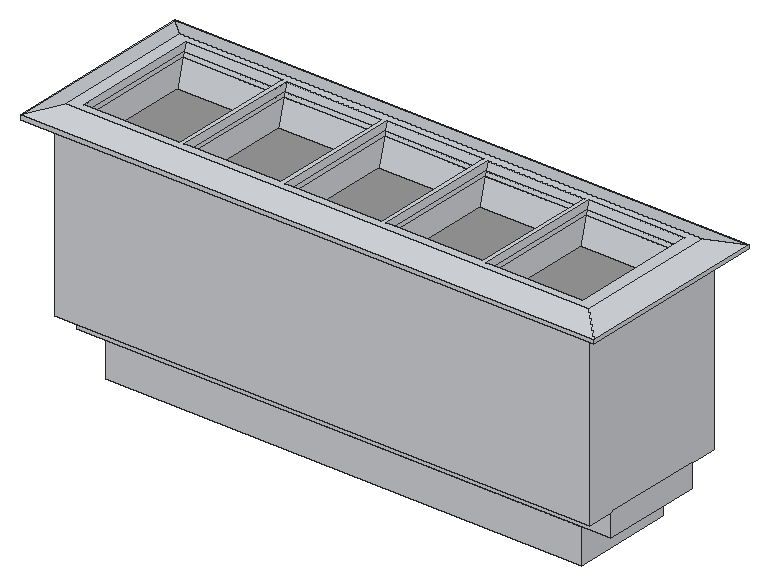
Revit family "2061123 Sylvania Lighting Fixture DOMINO 5xLED 930 BLACK NB TRIM BLACK", category Lighting Fixtures, host Face, Revit 2018
Family settings
  Host = Face
  Round Connector Dimension = Use Diameter
  Part Type = Normal
  OmniClass Number = 23.80.70.00
  OmniClass Title = Lighting
  Cut with Voids When Loaded = No
  Light Source = Yes
  Shared = No
  Room Calculation Point = No
Parameters (values of type "2061123 DOMINO 5XLED 930 BLACK NB TR BLK ")
  top top width = 15.812 mm
  top top length = 123 mm
  Width = 50 mm
  Weight = "n/a"
  Wattage Comments = ""
  Wattage = 9.2903 W
  WarrantyStartDate [instance] = "n/a"
  WarrantyGuarantorParts = "n/a"
  WarrantyDurationUnit = "n/a"
  WarrantyDurationParts = ""
  WarrantyDescription = "http://www.sylvania-lighting.com"
  built-in parameter 1150110 = 1 (stored number, unit not read)
  Voltage = 0 V
  URL = "0.6"
  TypeName = "DOMINO 5xLED 930 BLACK NB TRIM BLACK"
  Type Image = <None>
  Type Comments = "n/a"
  built-in parameter 1114217 = 1 (stored number, unit not read)
  Top Width = 26 mm
  Tilt Angle = 90.00°
  built-in parameter 1150109 = 1 (stored number, unit not read)
  built-in parameter 1150134 = 3
  built-in parameter 1150113 = 1 (stored number, unit not read)
  SerialNumber [instance] = "n/a"
  Recessed Width = 43 mm
  Recessed Length = 143 mm
  Photometric Web File = "2061123.ies"
  Material_3_FEILO = none
  PowerFactor = 0
  PowerConsumption = "Lighting"
  NominalLength = 50 mm
  NominalHeight = 0 mm
  NominalDepth = 0 mm
  Name = "DOMINO 5xLED 930 BLACK NB TRIM BLACK"
  ModelReference = Name  # "DOMINO 5xLED 930 BLACK NB TRIM BLACK"
  ModelNumber = "2061123"
  Model = Name  # "DOMINO 5xLED 930 BLACK NB TRIM BLACK"
  Material = "Feilo Sylvania"
  ManufacturerName = "62 lm/W"
  Manufacturer = ""
  LuminousEfficacy = ""
  built-in parameter 1150105 = 109.82 (stored number, unit not read)
  Lumens = 1380 lm
  LuminaireType = "0"
  built-in parameter 1150115 = 1 (stored number, unit not read)
  LightOutputRatio = "LED"
  built-in parameter 1150137 = (empty or 0)
  built-in parameter 1150139 = (empty or 0)
  Lens inside recess = 25 mm
  Lens Width = 32 mm
  Lens Outside recess = 31.978 mm
  Lens = Glass, White, High Luminance
  Length = 148 mm
  LampsType = Lamp  # "n/a"
  LampNominalLuminous = "3000 K"
  LampMacAdamStep = "90"
  LampColourTemperature = "LED"
  LampColourRenderingIndex = "16500"
  built-in parameter 1150112 = 1 (stored number, unit not read)
  built-in parameter 1150114 = 1 (stored number, unit not read)
  Lamp = "n/a"
  Keynote = "n/a"
  InstallationDate [instance] = "n/a"
  InputVoltage = "0"
  InputNominalFrequency = "3000"
  built-in parameter 1150132 = (empty or 0)
  built-in parameter 1150102 = (empty or 0)
  built-in parameter 1150107 = 3200 (stored number, unit not read)
  built-in parameter 1150138 = (empty or 0)
  IngressProtection = "IfcLightFixtureType"
  ImpactProtectionIndex = "IfcLightFixtureType"
  built-in parameter 1150106 = 1.0982 (stored number, unit not read)
  IfcExportType = "IfcLightFixtureType"
  IfcExportAs = "Class II"
  Facia internal width = 37 mm
  Facia internal length = 135 mm
  Facia Height = 2 mm
  ExpectedLife = 50000
  Emit from Circle Diameter = 609.6 mm
  Emit Shape Visible in Rendering = no
  ElectricShockClassification = "62"
  built-in parameter 1150104 = 13.8 (stored number, unit not read)
  DurationUnit = "hours"
  DocumentationLiterature = "http://www.sylvania-lighting.com/product/en-int/products/2061123"
  DimmingControlOptions = "n/a"
  Material_2_FEILO = none
  Dimming Lamp Color Temperature Shift = <None>
  Description = "Modular LED recessed linear spotlight, ideal for retail and hospitality applications. Die-cast aluminium body, passive cooling. Two levels of reflector installation, low glaring UGR<16. 5x LED source, 15° beam angle , optics: PMMA lens and polycarbonate reflector combination, Black matt reflector finish. Light color temperature: 3000K warm white, total system power: 13W , total fixture lumen output: 800lm, efficacy: 62 lm/W, Ra90 typical, LED chromacity: 3 step MacAdam ellipse (SDCM3), lifespan: 96,000 hours at 90% of the original output (L90B10), IR/UV free light source without heat radiation, operating voltage: 220-240V / 50-60Hz, electronic driver, ultra low flicker, non-dimmable , electrical protection: Class II. Degree of Protection: IP40/IP20, suitable for indoor environment only. Ceiling cut-out: 43x43mm, outer dimensions:  150x50mm trim frame RAL 9005 - Jet black color.5 years Warranty."
  Default Elevation = 1219.2 mm
  CreatedOn = "10/02/2021"
  CreatedBy = "@sylvania-lighting.com"
  Cost = 0
  Color Filter = 16777215
  built-in parameter 1114216 [instance] = (empty or 0)
  ClassificationValue = "EF_70_80"
  ClassificationName = "Uniclass2015"
  Material_1_FEILO = none
  Body Width = 40 mm
  Body Length = 138 mm
  BarCode [instance] = "n/a"
  built-in parameter 1114218 = 1 (stored number, unit not read)
  built-in parameter 1150133 = 10 (stored number, unit not read)
  AssetType = "Fixed"
  AssetIdentifier [instance] = "n/a"
  Assembly Code = "D5020200"
  Apparent Load = 13 VA
  Material_4_FEILO = none
Reference planes
  plane 1 "Center (Front/Back)": y = 0
  plane 2: z = 0
  plane 3 "Center (Left/Right)": x = 0
  plane 4: z = 0
  plane 5: z = -7
  plane 6: z = -45.895
  plane 7: z = -51.895
  plane 8: z = -60.895
  plane 9: x = -71.5
  plane 10: x = 71.5
  plane 11: y = 21.5
  plane 12: y = -21.5
  plane 13: x = -74
  plane 14: x = 74
  plane 15: y = 25
  plane 16: y = -25
  plane 17: x = 67.5
  plane 18: x = -67.5
  plane 19: y = 18.5
  plane 20: y = -18.5
  plane 21: z = 2
  plane 22: x = -69
  plane 23: x = 69
  plane 24: y = 20
  plane 25: y = -20
  plane 26: y = 13
  plane 27: y = -13
  plane 28: x = 61.5
  plane 29: x = -61.5
  plane 30: x = -65.5
  plane 31: y = 16.5
  plane 32: y = -16.472
  plane 33: x = -40.5
  plane 34: x = -41
  plane 35: x = -65
  plane 36: y = 13
  plane 37: y = -12.972
  plane 38: x = -39.5
  plane 39: x = -14.48
  plane 40: x = -13.48
  plane 41: x = 11.52
  plane 42: x = 12.52
  plane 43: x = 37.52
  plane 44: x = 38.52
  plane 45: x = 64.5
Forms (mm)
  Extrusion 1, solid, not visible, detail levels medium+fine
    sketch origin (4.2, 0, 0) x (1, 0, 0) y (0, 1, 0)
      loop
        line (-29.2, 34.5) -> (-29.2, -34.5) -> (20.8, -34.5) -> (20.8, 34.5) -> (-29.2, 34.5)
    from 0 to 1
  Extrusion 2, solid, not visible, detail levels medium+fine
    sketch origin (4.044, 0, 0) x (1, 0, 0) y (0, 1, 0)
      loop
        line (-29.2, 34.5) -> (-29.2, -34.5) -> (20.8, -34.5) -> (20.8, 34.5) -> (-29.2, 34.5)
    from 0 to 1
  Blend 3, solid, not visible, detail levels medium+fine
    base sketch origin (4.2, 0, 0) x (1, 0, 0) y (0, 1, 0)
      loop
        line (-29.2, 34.5) -> (-29.2, -34.5) -> (20.8, -34.5) -> (20.8, 34.5) -> (-29.2, 34.5)
    top sketch origin (4.2, 0, 0) x (1, 0, 0) y (0, 1, 0)
      loop
        line (-21.7, 28) -> (-21.7, -28) -> (13.3, -28) -> (13.3, 28) -> (-21.7, 28)
    from 1 to 3
  Extrusion 4, solid, not visible, detail levels medium+fine
    sketch origin (3.419, 0, 0) x (1, 0, 0) y (0, 1, 0)
      loop
        line (-29.2, 34.5) -> (-29.2, -34.5) -> (20.8, -34.5) -> (20.8, 34.5) -> (-29.2, 34.5)
    from 0 to 1
  Blend 5, solid, not visible, detail levels medium+fine
    base sketch origin (3.575, 0, 0) x (1, 0, 0) y (0, 1, 0)
      loop
        line (-29.2, 34.5) -> (-29.2, -34.5) -> (20.8, -34.5) -> (20.8, 34.5) -> (-29.2, 34.5)
    top sketch origin (3.575, 0, 0) x (1, 0, 0) y (0, 1, 0)
      loop
        line (-21.7, 28) -> (-21.7, -28) -> (13.3, -28) -> (13.3, 28) -> (-21.7, 28)
    from 1 to 3
  Extrusion 6, solid, not visible, detail levels medium+fine
    sketch origin (4.247, 0, 0) x (1, 0, 0) y (0, 1, 0)
      loop
        line (-29.2, 34.5) -> (-29.2, -34.5) -> (20.8, -34.5) -> (20.8, 34.5) -> (-29.2, 34.5)
    from 0 to 1
  Blend 7, solid, not visible, detail levels medium+fine
    base sketch origin (4.403, 0, 0) x (1, 0, 0) y (0, 1, 0)
      loop
        line (-29.2, 34.5) -> (-29.2, -34.5) -> (20.8, -34.5) -> (20.8, 34.5) -> (-29.2, 34.5)
    top sketch origin (4.403, 0, 0) x (1, 0, 0) y (0, 1, 0)
      loop
        line (-21.7, 28) -> (-21.7, -28) -> (13.3, -28) -> (13.3, 28) -> (-21.7, 28)
    from 1 to 3
  Extrusion 8, void, detail levels medium+fine
    sketch origin (4.2, 0, 0) x (0, 1, 0) y (1, 0, 0)
      loop
        line (21.5, -75.7) -> (21.5, 67.3) -> (-21.5, 67.3) -> (-21.5, -75.7) -> (21.5, -75.7)
    from -9.934 to 83.097
  Extrusion 9, solid, detail levels medium+fine
    sketch origin (4.2, 0, 0) x (1, 0, 0) y (0, 1, 0)
      loop
        line (-78.2, 25) -> (-78.2, -25) -> (69.8, -25) -> (69.8, 25) -> (-78.2, 25)
    from 0 to 1
  Extrusion 10, solid, detail levels medium+fine
    sketch origin (4.2, 0, 0) x (1, 0, 0) y (0, 1, 0)
      loop
        line (-73.2, 20) -> (-73.2, -20) -> (64.8, -20) -> (64.8, 20) -> (-73.2, 20)
    from 0 to -45.895
  Extrusion 11, solid, detail levels medium+fine
    sketch origin (4.2, 0, 0) x (1, 0, 0) y (0, 1, 0)
      loop
        line (-73.2, 13) -> (-73.2, -13) -> (64.8, -13) -> (64.8, 13) -> (-73.2, 13)
    from -51.895 to -45.895
  Extrusion 12, solid, material "Glass, White, High Luminance" <- "Lens", detail levels fine
    sketch origin (11.874, 1219.733, 36.156) x (1, 0, 0) y (0, 1, 0)
      loop
        line (-75.883, -1206.7) -> (-75.883, -1232.733) -> (-51.887, -1232.733) -> (-51.887, -1206.7) -> (-75.883, -1206.7)
    from -43.156 to -42.182
  Blend 13, solid, detail levels medium+fine
    base sketch origin (4.2, 0, 0) x (1, 0, 0) y (0, 1, 0)
      loop
        line (-78.2, 25) -> (-78.2, -25) -> (69.8, -25) -> (69.8, 25) -> (-78.2, 25)
    top sketch origin (4.2, 0, 0) x (1, 0, 0) y (0, 1, 0)
      loop
        line (-71.7, 18.5) -> (-71.7, -18.5) -> (63.3, -18.5) -> (63.3, 18.5) -> (-71.7, 18.5)
    from 1 to 3
  Extrusion 14, solid, detail levels fine
    sketch origin (0, 0, 0) x (1, 0, 0) y (0, 0, 1)
      loop
        line (-61.5, -51.895) -> (-61.5, -60.895) -> (61.5, -60.895) -> (61.5, -51.895) -> (-61.5, -51.895)
    from -13 to 13
  Blend 15, void
    base sketch origin (5.187, 0, 0) x (0, 1, 0) y (-1, 0, 0)
      loop
        line (16.5, 69.7) -> (-16.472, 69.7) -> (-16.472, 44.7) -> (16.5, 44.7) -> (16.5, 69.7)
    top sketch origin (5.187, 0, 0) x (0, 1, 0) y (-1, 0, 0)
      loop
        line (13, 69.2) -> (-12.972, 69.2) -> (-12.972, 45.2) -> (13, 45.2) -> (13, 69.2)
    from 3 to -7
  Blend 16, void
    base sketch origin (31.202, 0, 0) x (0, 1, 0) y (-1, 0, 0)
      loop
        line (16.5, 69.7) -> (-16.472, 69.7) -> (-16.472, 44.7) -> (16.5, 44.7) -> (16.5, 69.7)
    top sketch origin (31.202, 0, 0) x (0, 1, 0) y (-1, 0, 0)
      loop
        line (13, 69.2) -> (-12.972, 69.2) -> (-12.972, 45.2) -> (13, 45.2) -> (13, 69.2)
    from 3 to -7
  Blend 17, void
    base sketch origin (57.213, -0.017, 0) x (0, 1, 0) y (-1, 0, 0)
      loop
        line (16.5, 69.7) -> (-16.472, 69.7) -> (-16.472, 44.7) -> (16.5, 44.7) -> (16.5, 69.7)
    top sketch origin (57.213, -0.017, 0) x (0, 1, 0) y (-1, 0, 0)
      loop
        line (13, 69.2) -> (-12.972, 69.2) -> (-12.972, 45.2) -> (13, 45.2) -> (13, 69.2)
    from 3 to -7
  Blend 18, void
    base sketch origin (83.222, 0, 0) x (0, 1, 0) y (-1, 0, 0)
      loop
        line (16.5, 69.7) -> (-16.472, 69.7) -> (-16.472, 44.7) -> (16.5, 44.7) -> (16.5, 69.7)
    top sketch origin (83.222, 0, 0) x (0, 1, 0) y (-1, 0, 0)
      loop
        line (13, 69.2) -> (-12.972, 69.2) -> (-12.972, 45.2) -> (13, 45.2) -> (13, 69.2)
    from 3 to -7
  Blend 19, void
    base sketch origin (109.202, 0, 0) x (0, 1, 0) y (-1, 0, 0)
      loop
        line (16.5, 69.7) -> (-16.472, 69.7) -> (-16.472, 44.7) -> (16.5, 44.7) -> (16.5, 69.7)
    top sketch origin (109.202, 0, 0) x (0, 1, 0) y (-1, 0, 0)
      loop
        line (13, 69.2) -> (-12.972, 69.2) -> (-12.972, 45.2) -> (13, 45.2) -> (13, 69.2)
    from 3 to -7
  Extrusion 20, solid, material "Glass, White, High Luminance" <- "Lens", detail levels fine
    sketch origin (37.889, 1219.733, 36.156) x (1, 0, 0) y (0, 1, 0)
      loop
        line (-75.883, -1206.7) -> (-75.883, -1232.733) -> (-51.887, -1232.733) -> (-51.887, -1206.7) -> (-75.883, -1206.7)
    from -43.156 to -42.182
  Extrusion 21, solid, material "Glass, White, High Luminance" <- "Lens", detail levels fine
    sketch origin (63.896, 1219.733, 36.156) x (1, 0, 0) y (0, 1, 0)
      loop
        line (-75.883, -1206.7) -> (-75.883, -1232.733) -> (-51.887, -1232.733) -> (-51.887, -1206.7) -> (-75.883, -1206.7)
    from -43.156 to -42.182
  Extrusion 22, solid, material "Glass, White, High Luminance" <- "Lens", detail levels fine
    sketch origin (89.905, 1219.733, 36.156) x (1, 0, 0) y (0, 1, 0)
      loop
        line (-75.883, -1206.7) -> (-75.883, -1232.733) -> (-51.887, -1232.733) -> (-51.887, -1206.7) -> (-75.883, -1206.7)
    from -43.156 to -42.182
  Extrusion 23, solid, material "Glass, White, High Luminance" <- "Lens", detail levels fine
    sketch origin (115.886, 1219.733, 36.156) x (1, 0, 0) y (0, 1, 0)
      loop
        line (-75.883, -1206.7) -> (-75.883, -1232.733) -> (-51.887, -1232.733) -> (-51.887, -1206.7) -> (-75.883, -1206.7)
    from -43.156 to -42.182
  Extrusion 24, solid, detail levels coarse
    sketch origin (4.2, 0, 0) x (1, 0, 0) y (0, 1, 0)
      loop
        line (-78.2, 25) -> (-78.2, -25) -> (69.8, -25) -> (69.8, 25) -> (-78.2, 25)
    from 3 to -60.895
Cuts and joins
  Blend 15, Blend 16, Blend 17, Blend 18, Blend 19 cuts Extrusion 9
  Blend 15, Blend 16, Blend 17, Blend 18, Blend 19 cuts Extrusion 10
  Blend 15, Blend 16, Blend 17, Blend 18, Blend 19 cuts Blend 13
Dimensions and locks
  "Recessed Length": plane 9 to plane 10
  equal spacing: plane 9, plane 3 "Center (Left/Right)", plane 10
  "Length": plane 13 to plane 14
  equal spacing: plane 13, plane 3 "Center (Left/Right)", plane 14
  "Recessed Width": plane 11 to plane 12
  equal spacing: plane 11, plane 1 "Center (Front/Back)", plane 12
  "Width": plane 15 to plane 16
  equal spacing: plane 15, plane 1 "Center (Front/Back)", plane 16
  "Facia internal length": plane 18 to plane 17
  equal spacing: plane 18, plane 3 "Center (Left/Right)", plane 17
  "Facia internal width": plane 19 to plane 20
  equal spacing: plane 19, plane 1 "Center (Front/Back)", plane 20
  "Facia Height": plane 21 to host face
  "Body Length": plane 22 to plane 23
  equal spacing: plane 22, plane 3 "Center (Left/Right)", plane 23
  "Body Width": plane 24 to plane 25
  equal spacing: plane 24, plane 1 "Center (Front/Back)", plane 25
  "Top Width": plane 26 to plane 27
  equal spacing: plane 26, plane 1 "Center (Front/Back)", plane 27
  "top top length": plane 29 to plane 28
  equal spacing: plane 29, plane 3 "Center (Left/Right)", plane 28  (x2)
  plane 28 to plane 29 = 123 mm
  equal spacing: plane 28, plane 3 "Center (Left/Right)", plane 29
  aligned and locked: plane 2 to host face
  aligned and locked: level to host face
  aligned and locked: Extrusion 11 to plane 7
  aligned and locked: Extrusion 10 to plane 6
  aligned and locked: Extrusion 12 to plane 5
Automatic sketch dimensions
  Extrusion 1 sketch curve to Extrusion 1 sketch curve = 50 mm
  Extrusion 1 sketch curve to Extrusion 1 sketch curve = 69 mm
  Extrusion 2 sketch curve to Extrusion 2 sketch curve = 50 mm
  Extrusion 2 sketch curve to Extrusion 2 sketch curve = 69 mm
  Blend 3 sketch curve to Blend 3 sketch curve = 50 mm
  Blend 3 sketch curve to Blend 3 sketch curve = 69 mm
  Blend 3 sketch curve to Blend 3 sketch curve = 35 mm
  Blend 3 sketch curve to Blend 3 sketch curve = 56 mm
  Extrusion 4 sketch curve to Extrusion 4 sketch curve = 50 mm
  Extrusion 4 sketch curve to Extrusion 4 sketch curve = 69 mm
  Blend 5 sketch curve to Blend 5 sketch curve = 50 mm
  Blend 5 sketch curve to Blend 5 sketch curve = 69 mm
  Blend 5 sketch curve to Blend 5 sketch curve = 35 mm
  Blend 5 sketch curve to Blend 5 sketch curve = 56 mm
  Extrusion 6 sketch curve to Extrusion 6 sketch curve = 50 mm
  Extrusion 6 sketch curve to Extrusion 6 sketch curve = 69 mm
  Blend 7 sketch curve to Blend 7 sketch curve = 50 mm
  Blend 7 sketch curve to Blend 7 sketch curve = 69 mm
  Blend 7 sketch curve to Blend 7 sketch curve = 35 mm
  Blend 7 sketch curve to Blend 7 sketch curve = 56 mm
  host sketch curve to host sketch curve = 2438.4 mm  (x2)
  Extrusion 8 sketch curve to plane 9 = 0 mm
  Extrusion 8 sketch curve to plane 12 = 0 mm
  Extrusion 8 sketch curve to plane 11 = 0 mm
  Extrusion 8 sketch curve to plane 10 = 0 mm
  Extrusion 9 sketch curve to plane 13 = 0 mm
  Extrusion 9 sketch curve to plane 14 = 0 mm
  Extrusion 9 sketch curve to plane 16 = 0 mm
  Extrusion 9 sketch curve to plane 15 = 0 mm
  Extrusion 10 sketch curve to plane 22 = 0 mm
  Extrusion 10 sketch curve to plane 23 = 0 mm
  Extrusion 10 sketch curve to plane 25 = 0 mm
  Extrusion 10 sketch curve to plane 24 = 0 mm
  Extrusion 11 sketch curve to plane 22 = 0 mm
  Extrusion 11 sketch curve to plane 23 = 0 mm
  Extrusion 11 sketch curve to plane 27 = 0 mm
  Extrusion 11 sketch curve to plane 26 = 0 mm
  Extrusion 12 sketch curve to plane 27 = 0 mm
  plane 35 to Extrusion 12 sketch curve = 0.991 mm
  plane 26 to Extrusion 12 sketch curve = 0.033 mm
  plane 33 to Extrusion 12 sketch curve = 0.487 mm
  Blend 13 sketch curve to plane 13 = 0 mm
  Blend 13 sketch curve to plane 14 = 0 mm
  Blend 13 sketch curve to plane 16 = 0 mm
  Blend 13 sketch curve to plane 15 = 0 mm
  Blend 13 sketch curve to plane 18 = 0 mm
  Blend 13 sketch curve to plane 17 = 0 mm
  Blend 13 sketch curve to plane 20 = 0 mm
  Blend 13 sketch curve to plane 19 = 0 mm
  Extrusion 14 sketch curve to plane 8 = 0 mm
  Extrusion 14 sketch curve to plane 29 = 0 mm
  Extrusion 14 sketch curve to plane 28 = 0 mm
  Extrusion 14 sketch curve to plane 7 = 0 mm
  Blend 15 sketch curve to plane 32 = 0 mm
  Blend 15 sketch curve to plane 31 = 0 mm
  Blend 15 sketch curve to plane 38 = 0.013 mm
  plane 35 to Blend 15 sketch curve = 0.487 mm
  Blend 15 sketch curve to plane 37 = 0 mm
  Blend 15 sketch curve to plane 26 = 0 mm
  plane 33 to Blend 15 sketch curve = 0.487 mm
  plane 35 to Blend 15 sketch curve = 0.987 mm
  Blend 16 sketch curve to plane 32 = 0 mm
  Blend 16 sketch curve to plane 31 = 0 mm
  Blend 16 sketch curve to plane 40 = 0.018 mm
  plane 38 to Blend 16 sketch curve = 1.002 mm
  Blend 16 sketch curve to plane 37 = 0 mm
  Blend 16 sketch curve to plane 26 = 0 mm
  plane 39 to Blend 16 sketch curve = 0.482 mm
  plane 38 to Blend 16 sketch curve = 1.502 mm
  Blend 17 sketch curve to plane 32 = 0.017 mm
  Blend 17 sketch curve to plane 31 = 0.017 mm
  Blend 17 sketch curve to plane 42 = 0.007 mm
  plane 40 to Blend 17 sketch curve = 0.993 mm
  plane 27 to Blend 17 sketch curve = 0.011 mm
  Blend 17 sketch curve to plane 26 = 0.017 mm
  plane 41 to Blend 17 sketch curve = 0.493 mm
  plane 40 to Blend 17 sketch curve = 1.493 mm
  plane 32 to Blend 18 sketch curve = 0 mm
  plane 31 to Blend 18 sketch curve = 0 mm
  plane 44 to Blend 18 sketch curve = 0.002 mm
  plane 42 to Blend 18 sketch curve = 1.002 mm
  plane 37 to Blend 18 sketch curve = 0 mm
  plane 26 to Blend 18 sketch curve = 0 mm
  Blend 18 sketch curve to plane 44 = 0.498 mm
  plane 42 to Blend 18 sketch curve = 1.502 mm
  Blend 19 sketch curve to plane 32 = 0 mm
  Blend 19 sketch curve to plane 31 = 0 mm
  plane 45 to Blend 19 sketch curve = 0.002 mm
  plane 44 to Blend 19 sketch curve = 0.982 mm
  Blend 19 sketch curve to plane 37 = 0 mm
  Blend 19 sketch curve to plane 26 = 0 mm
  Blend 19 sketch curve to plane 45 = 0.498 mm
  plane 44 to Blend 19 sketch curve = 1.482 mm
  Extrusion 20 sketch curve to plane 27 = 0 mm
  plane 38 to Extrusion 20 sketch curve = 1.506 mm
  plane 26 to Extrusion 20 sketch curve = 0.033 mm
  plane 39 to Extrusion 20 sketch curve = 0.482 mm
  Extrusion 21 sketch curve to plane 27 = 0 mm
  plane 40 to Extrusion 21 sketch curve = 1.493 mm
  plane 26 to Extrusion 21 sketch curve = 0.033 mm
  plane 41 to Extrusion 21 sketch curve = 0.49 mm
  Extrusion 22 sketch curve to plane 27 = 0 mm
  plane 42 to Extrusion 22 sketch curve = 1.502 mm
  plane 26 to Extrusion 22 sketch curve = 0.033 mm
  plane 43 to Extrusion 22 sketch curve = 0.498 mm
  Extrusion 23 sketch curve to plane 27 = 0 mm
  plane 44 to Extrusion 23 sketch curve = 1.482 mm
  plane 26 to Extrusion 23 sketch curve = 0.033 mm
  Extrusion 23 sketch curve to plane 45 = 0.501 mm
  Extrusion 24 sketch curve to plane 13 = 0 mm
  Extrusion 24 sketch curve to plane 14 = 0 mm
  Extrusion 24 sketch curve to plane 16 = 0 mm
  Extrusion 24 sketch curve to plane 15 = 0 mm
Connectors
  electrical at (0, 0, -60.895)
    settings: on Extrusion 14, index 1, voltage 0 V, apparent load 0 VA, apparent load phase1 0 VA, apparent load phase2 0 VA, apparent load phase3 0 VA, power factor 1, load classification "Other", number of poles 1, system type 31, power factor state 1, is connector primary yes, connector utility no, sub classification motor no, connector description ""
